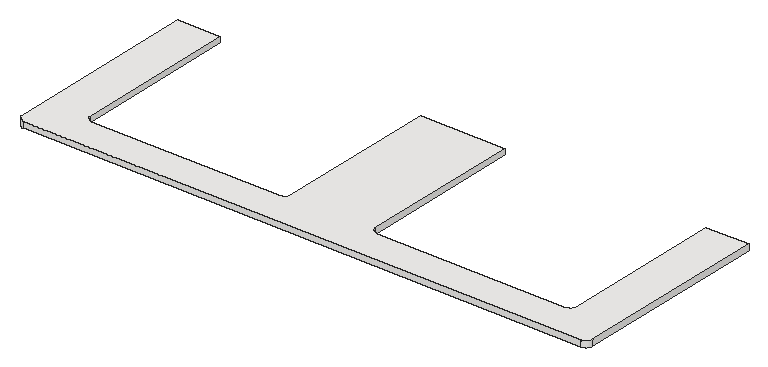
Revit family "console with 2 cutouts for countertop basin ground", category Furniture, Revit 2019 (continued)
Definition of nested family "console 1560_550 with 2 cutouts for countertop basin ground 600_480-54112910-diamond_grey-400_content"
  Parameters (values of type "Console 1560_550 with 2 cutouts for countertop basin ground 600_480-54112910-DIAMOND_GREY-400_Content")
    NN = "Console with 2 cutouts for countertop basin ground"
    NBSYN = "$BASENUMBER.-$ARTNR.-$SURFACE.-$LODLEVEL."
    NB = "Console 1560/550 with 2 cutouts for countertop basin ground 600/480-54112910-DIAMOND_GREY-400"
    NAME = "Xelu Q Console 1560/550 with 2 cutouts for countertop basin ground 600/480"
    Model = "Console 1560/550 with 2 cutouts for countertop basin ground 600/480-54112910-DIAMOND_GREY-400"
    Manufacturer = "Hansgrohe"
    MASTERFORMAT = "12 35 30.23 | Bathroom Casework"
    LODLEVEL = "400"
    LINA = "Console 1560/550 with 2 cutouts for countertop basin ground 600/480-54112910-DIAMOND_GREY-400"
    LC = 115
    L1 = 550
    L = 1560
    IFC = "Furnishing element"
    GTINCODE = "4059625457573"
    ETIM = "EC011381 | Bathroom furniture set"
    Default Elevation = 1219.2 mm
    DESIGN = "Germany"
    ContentVisible [instance] = yes
    CATALOG = "Hansgrohe"
    BIMOBJECT = "Region Set"
    BASENUMBER = "Console 1560/550 with 2 cutouts for countertop basin ground 600/480"
    ARTNR = "54112910"
  Reference planes
    plane 1 "Center (Front/Back)": y = 0
    plane 2: z = 0
    plane 3 "Center (Left/Right)": x = 0
  Forms (mm)
    Extrusion 1, solid, visible <- "ContentVisible", detail levels medium+fine
      sketch origin (0, 0, 0) x (1, 0, 0) y (0, 1, 0)
        loop
          line (-780, 0) -> (-780, -532)
          arc (-780, -532) -> (-774.728, -544.728) -> (-762, -550) r 18
          line (-762, -550) -> (762, -550)
          arc (762, -550) -> (774.728, -544.728) -> (780, -532) r 18
          line (780, -532) -> (780, 0) -> (665, 0) -> (665, -444)
          arc (665, -444) -> (660.314, -455.314) -> (649, -460) r 16
          line (649, -460) -> (131, -460)
          arc (131, -460) -> (119.686, -455.314) -> (115, -444) r 16
          line (115, -444) -> (115, 0) -> (-115, 0) -> (-115, -444)
          arc (-115, -444) -> (-119.686, -455.314) -> (-131, -460) r 16
          line (-131, -460) -> (-649, -460)
          arc (-649, -460) -> (-660.314, -455.314) -> (-665, -444) r 16
          line (-665, -444) -> (-665, 0) -> (-780, 0)
      from 0 to 16
    Extrusion 2, solid, visible <- "ContentVisible", detail levels coarse
      sketch origin (0, -275, 0) x (1, 0, 0) y (0, 1, 0)
        loop
          line (-780, -275) -> (780, -275) -> (780, 275) -> (-780, 275) -> (-780, -275)
      from 0 to 16
  Dimensions and locks
    aligned and locked: level to plane 2
Types (16, lengths in mm): name | WEIGHT | SURFACE | SPECIFICATION | PRODUCTURL | PERMALINK | NB | NAME | Model | MIdent | LODLEVEL | LINA | L1 | L | GTINCODE | Console 1560_550 with 2 cutouts for countertop basin ground 600_480-54112910-DIAMOND_GREY-400_RX0RY0RZ0TX0TY0TZ0_V | Console 1560_550 with 2 cutouts for countertop basin ground 600_480-54112910-DIAMOND_GREY-200_RX0RY0RZ0TX0TY0TZ0_V | Console 1560_550 with 2 cutouts for countertop basin ground 600_480-54112630-DARK_WALNUT-400_RX0RY0RZ0TX0TY0TZ0_V | Console 1560_550 with 2 cutouts for countertop basin ground 600_480-54112630-DARK_WALNUT-200_RX0RY0RZ0TX0TY0TZ0_V | Console 1560_550 with 2 cutouts for countertop basin ground 600_480-54112230-NATURAL_OAK-400_RX0RY0RZ0TX0TY0TZ0_V | Console 1560_550 with 2 cutouts for countertop basin ground 600_480-54112230-NATURAL_OAK-200_RX0RY0RZ0TX0TY0TZ0_V | Console 1560_550 with 2 cutouts for countertop basin ground 600_480-54112050-GLOSSY_WHITE-400_RX0RY0RZ0TX0TY0TZ0_V | Console 1560_550 with 2 cutouts for countertop basin ground 600_480-54112050-GLOSSY_WHITE-200_RX0RY0RZ0TX0TY0TZ0_V | Console 1360_550 with 2 cutouts for countertop basin ground 500_480-54099910-DIAMOND_GREY-400_RX0RY0RZ0TX0TY0TZ0_V | Console 1360_550 with 2 cutouts for countertop basin ground 500_480-54099910-DIAMOND_GREY-200_RX0RY0RZ0TX0TY0TZ0_V | Console 1360_550 with 2 cutouts for countertop basin ground 500_480-54099630-DARK_WALNUT-400_RX0RY0RZ0TX0TY0TZ0_V | Console 1360_550 with 2 cutouts for countertop basin ground 500_480-54099630-DARK_WALNUT-200_RX0RY0RZ0TX0TY0TZ0_V | Console 1360_550 with 2 cutouts for countertop basin ground 500_480-54099230-NATURAL_OAK-400_RX0RY0RZ0TX0TY0TZ0_V | Console 1360_550 with 2 cutouts for countertop basin ground 500_480-54099230-NATURAL_OAK-200_RX0RY0RZ0TX0TY0TZ0_V | Console 1360_550 with 2 cutouts for countertop basin ground 500_480-54099050-GLOSSY_WHITE-400_RX0RY0RZ0TX0TY0TZ0_V | Console 1360_550 with 2 cutouts for countertop basin ground 500_480-54099050-GLOSSY_WHITE-200_RX0RY0RZ0TX0TY0TZ0_V | BASENUMBER | ARTNR
  Console 1360_550 with 2 cutouts for countertop basin ground 500_480-54099050-GLOSSY_WHITE-200 | "7.5" | "GLOSSY_WHITE" | "Surfaces:    - 54099050 High Gloss White  - 54099910 Diamond Matt Grey  - 54099230 Natural Oak  - 54099630 Dark Walnut      Specification:" | "https://pro.hansgrohe.com/articledetail--54099050" | "54099XXX" | "Console 1360/550 with 2 cutouts for countertop basin ground 500/480-54099050-GLOSSY_WHITE-200" | "Xelu Q Console 1360/550 with 2 cutouts for countertop basin ground 500/480" | "Console 1360/550 with 2 cutouts for countertop basin ground 500/480-54099050-GLOSSY_WHITE-200" | "{$CADENAS_DATA/23d-libs/hansgrohe/xelu_furniture/console_with_cutout_for_countertop_basin_ground/console_with_2_cutout_countertop_basinground.prj},378 {VTYP=3D},{NB=Console 1360/550 with 2 cutouts for countertop basin ground 500/480-54099050-GLOSSY_WHITE-200},{LINA=Console 1360/550 with 2 cutouts for countertop basin ground 500/480-54099050-GLOSSY_WHITE-200},{NN=Console with 2 cutouts for countertop basin ground},{DATE=10.03.2023 08:11:45},{GEOMDATE=08.03.2023 13:23:55},{VERSION=},{LINEID=10},{WBVAR=LODLEVEL},{WBNUMERIC=}  {NB=Console 1360/550 with 2 cutouts for countertop basin ground 500/480-54099050-GLOSSY_WHITE-200},{LINA=Console 1360/550 with 2 cutouts for countertop basin ground 500/480-54099050-GLOSSY_WHITE-200},{KT=DUMMY},{IDNR=1},{ARTNR=54099050},{BASENUMBER=Console 1360/550 with 2 cutouts for countertop basin ground 500/480},{MODEL=54099XXX},{SURFACE=GLOSSY_WHITE},{L=1360},{LODLEVEL=200},{LODLEVELX='400','400','200','200'},{L1=450},{LC=115},{NAME=Xelu Q Console 1360/550 with 2 cutouts for countertop basin ground 500/480},{PERMALINK=54099XXX},{OBJECTTYPE=Object (single object)},{BIMOBJECT=Region Set},{PRODUCTFAMILY=Xelu Q},{PRODUCTGROUP=console},{WEIGHT=7.5},{DESCRIPTION=Xelu Q Console 1360/550 with 2 cutouts for countertop basin ground 500/480},{SPECIFICATION=Surfaces:    - 54099050 High Gloss White  - 54099910 Diamond Matt Grey  - 54099230 Natural Oak  - 54099630 Dark Walnut      Specification:},{PRODUCTURL=https://pro.hansgrohe.com/articledetail--54099050},{GTINCODE=4059625457337},{TENDERURL=},{IFC=Furnishing element},{ETIM=EC011381 | Bathroom furniture set},{UNICLASS2015=Pr_40_20_76_94 | Vanity units},{OMNICLASS=23-19 31 17 11 | Bathroom Units},{MASTERFORMAT=12 35 30.23 | Bathroom Casework},{UNSPSC=56 | Furniture and Furnishings},{UNIFORMATII=E2010 | Fixed Furnishings},{REGIONSET=Worldwide},{DESIGN=Germany},{MANUFACTURER=Germany}" | "200" | "Console 1360/550 with 2 cutouts for countertop basin ground 500/480-54099050-GLOSSY_WHITE-200" | 450 | 1360 | "4059625457337" | no | no | no | no | no | no | no | no | no | no | no | no | no | no | no | yes | "Console 1360/550 with 2 cutouts for countertop basin ground 500/480" | "54099050"
  Console 1360_550 with 2 cutouts for countertop basin ground 500_480-54099050-GLOSSY_WHITE-400 | "7.5" | "GLOSSY_WHITE" | "Surfaces:    - 54099050 High Gloss White  - 54099910 Diamond Matt Grey  - 54099230 Natural Oak  - 54099630 Dark Walnut      Specification:" | "https://pro.hansgrohe.com/articledetail--54099050" | "54099XXX" | "Console 1360/550 with 2 cutouts for countertop basin ground 500/480-54099050-GLOSSY_WHITE-400" | "Xelu Q Console 1360/550 with 2 cutouts for countertop basin ground 500/480" | "Console 1360/550 with 2 cutouts for countertop basin ground 500/480-54099050-GLOSSY_WHITE-400" | "{$CADENAS_DATA/23d-libs/hansgrohe/xelu_furniture/console_with_cutout_for_countertop_basin_ground/console_with_2_cutout_countertop_basinground.prj},378 {VTYP=3D},{NB=Console 1360/550 with 2 cutouts for countertop basin ground 500/480-54099050-GLOSSY_WHITE-400},{LINA=Console 1360/550 with 2 cutouts for countertop basin ground 500/480-54099050-GLOSSY_WHITE-400},{NN=Console with 2 cutouts for countertop basin ground},{DATE=10.03.2023 08:11:45},{GEOMDATE=08.03.2023 13:23:55},{VERSION=},{LINEID=10},{WBVAR=LODLEVEL},{WBNUMERIC=}  {NB=Console 1360/550 with 2 cutouts for countertop basin ground 500/480-54099050-GLOSSY_WHITE-400},{LINA=Console 1360/550 with 2 cutouts for countertop basin ground 500/480-54099050-GLOSSY_WHITE-400},{KT=DUMMY},{IDNR=1},{ARTNR=54099050},{BASENUMBER=Console 1360/550 with 2 cutouts for countertop basin ground 500/480},{MODEL=54099XXX},{SURFACE=GLOSSY_WHITE},{L=1360},{LODLEVEL=400},{LODLEVELX='400','400','200','200'},{L1=450},{LC=115},{NAME=Xelu Q Console 1360/550 with 2 cutouts for countertop basin ground 500/480},{PERMALINK=54099XXX},{OBJECTTYPE=Object (single object)},{BIMOBJECT=Region Set},{PRODUCTFAMILY=Xelu Q},{PRODUCTGROUP=console},{WEIGHT=7.5},{DESCRIPTION=Xelu Q Console 1360/550 with 2 cutouts for countertop basin ground 500/480},{SPECIFICATION=Surfaces:    - 54099050 High Gloss White  - 54099910 Diamond Matt Grey  - 54099230 Natural Oak  - 54099630 Dark Walnut      Specification:},{PRODUCTURL=https://pro.hansgrohe.com/articledetail--54099050},{GTINCODE=4059625457337},{TENDERURL=},{IFC=Furnishing element},{ETIM=EC011381 | Bathroom furniture set},{UNICLASS2015=Pr_40_20_76_94 | Vanity units},{OMNICLASS=23-19 31 17 11 | Bathroom Units},{MASTERFORMAT=12 35 30.23 | Bathroom Casework},{UNSPSC=56 | Furniture and Furnishings},{UNIFORMATII=E2010 | Fixed Furnishings},{REGIONSET=Worldwide},{DESIGN=Germany},{MANUFACTURER=Germany}" | "400" | "Console 1360/550 with 2 cutouts for countertop basin ground 500/480-54099050-GLOSSY_WHITE-400" | 450 | 1360 | "4059625457337" | no | no | no | no | no | no | no | no | no | no | no | no | no | no | yes | no | "Console 1360/550 with 2 cutouts for countertop basin ground 500/480" | "54099050"
  Console 1360_550 with 2 cutouts for countertop basin ground 500_480-54099230-NATURAL_OAK-200 | "7.5" | "NATURAL_OAK" | "Surfaces:    - 54099050 High Gloss White  - 54099910 Diamond Matt Grey  - 54099230 Natural Oak  - 54099630 Dark Walnut      Specification:" | "https://pro.hansgrohe.com/articledetail--54099050" | "54099XXX" | "Console 1360/550 with 2 cutouts for countertop basin ground 500/480-54099230-NATURAL_OAK-200" | "Xelu Q Console 1360/550 with 2 cutouts for countertop basin ground 500/480" | "Console 1360/550 with 2 cutouts for countertop basin ground 500/480-54099230-NATURAL_OAK-200" | "{$CADENAS_DATA/23d-libs/hansgrohe/xelu_furniture/console_with_cutout_for_countertop_basin_ground/console_with_2_cutout_countertop_basinground.prj},376 {VTYP=3D},{NB=Console 1360/550 with 2 cutouts for countertop basin ground 500/480-54099230-NATURAL_OAK-200},{LINA=Console 1360/550 with 2 cutouts for countertop basin ground 500/480-54099230-NATURAL_OAK-200},{NN=Console with 2 cutouts for countertop basin ground},{DATE=10.03.2023 08:11:45},{GEOMDATE=08.03.2023 13:23:55},{VERSION=},{LINEID=40},{WBVAR=LODLEVEL},{WBNUMERIC=}  {NB=Console 1360/550 with 2 cutouts for countertop basin ground 500/480-54099230-NATURAL_OAK-200},{LINA=Console 1360/550 with 2 cutouts for countertop basin ground 500/480-54099230-NATURAL_OAK-200},{KT=DUMMY},{IDNR=4},{ARTNR=54099230},{BASENUMBER=Console 1360/550 with 2 cutouts for countertop basin ground 500/480},{MODEL=54099XXX},{SURFACE=NATURAL_OAK},{L=1360},{LODLEVEL=200},{LODLEVELX='400','400','200','200'},{L1=450},{LC=115},{NAME=Xelu Q Console 1360/550 with 2 cutouts for countertop basin ground 500/480},{PERMALINK=54099XXX},{OBJECTTYPE=Object (single object)},{BIMOBJECT=Region Set},{PRODUCTFAMILY=Xelu Q},{PRODUCTGROUP=console},{WEIGHT=7.5},{DESCRIPTION=Xelu Q Console 1360/550 with 2 cutouts for countertop basin ground 500/480},{SPECIFICATION=Surfaces:    - 54099050 High Gloss White  - 54099910 Diamond Matt Grey  - 54099230 Natural Oak  - 54099630 Dark Walnut      Specification:},{PRODUCTURL=https://pro.hansgrohe.com/articledetail--54099050},{GTINCODE=4059625457337},{TENDERURL=},{IFC=Furnishing element},{ETIM=EC011381 | Bathroom furniture set},{UNICLASS2015=Pr_40_20_76_94 | Vanity units},{OMNICLASS=23-19 31 17 11 | Bathroom Units},{MASTERFORMAT=12 35 30.23 | Bathroom Casework},{UNSPSC=56 | Furniture and Furnishings},{UNIFORMATII=E2010 | Fixed Furnishings},{REGIONSET=Worldwide},{DESIGN=Germany},{MANUFACTURER=Germany}" | "200" | "Console 1360/550 with 2 cutouts for countertop basin ground 500/480-54099230-NATURAL_OAK-200" | 450 | 1360 | "4059625457337" | no | no | no | no | no | no | no | no | no | no | no | no | no | yes | no | no | "Console 1360/550 with 2 cutouts for countertop basin ground 500/480" | "54099230"
  Console 1360_550 with 2 cutouts for countertop basin ground 500_480-54099230-NATURAL_OAK-400 | "7.5" | "NATURAL_OAK" | "Surfaces:    - 54099050 High Gloss White  - 54099910 Diamond Matt Grey  - 54099230 Natural Oak  - 54099630 Dark Walnut      Specification:" | "https://pro.hansgrohe.com/articledetail--54099050" | "54099XXX" | "Console 1360/550 with 2 cutouts for countertop basin ground 500/480-54099230-NATURAL_OAK-400" | "Xelu Q Console 1360/550 with 2 cutouts for countertop basin ground 500/480" | "Console 1360/550 with 2 cutouts for countertop basin ground 500/480-54099230-NATURAL_OAK-400" | "{$CADENAS_DATA/23d-libs/hansgrohe/xelu_furniture/console_with_cutout_for_countertop_basin_ground/console_with_2_cutout_countertop_basinground.prj},376 {VTYP=3D},{NB=Console 1360/550 with 2 cutouts for countertop basin ground 500/480-54099230-NATURAL_OAK-400},{LINA=Console 1360/550 with 2 cutouts for countertop basin ground 500/480-54099230-NATURAL_OAK-400},{NN=Console with 2 cutouts for countertop basin ground},{DATE=10.03.2023 08:11:45},{GEOMDATE=08.03.2023 13:23:55},{VERSION=},{LINEID=40},{WBVAR=LODLEVEL},{WBNUMERIC=}  {NB=Console 1360/550 with 2 cutouts for countertop basin ground 500/480-54099230-NATURAL_OAK-400},{LINA=Console 1360/550 with 2 cutouts for countertop basin ground 500/480-54099230-NATURAL_OAK-400},{KT=DUMMY},{IDNR=4},{ARTNR=54099230},{BASENUMBER=Console 1360/550 with 2 cutouts for countertop basin ground 500/480},{MODEL=54099XXX},{SURFACE=NATURAL_OAK},{L=1360},{LODLEVEL=400},{LODLEVELX='400','400','200','200'},{L1=450},{LC=115},{NAME=Xelu Q Console 1360/550 with 2 cutouts for countertop basin ground 500/480},{PERMALINK=54099XXX},{OBJECTTYPE=Object (single object)},{BIMOBJECT=Region Set},{PRODUCTFAMILY=Xelu Q},{PRODUCTGROUP=console},{WEIGHT=7.5},{DESCRIPTION=Xelu Q Console 1360/550 with 2 cutouts for countertop basin ground 500/480},{SPECIFICATION=Surfaces:    - 54099050 High Gloss White  - 54099910 Diamond Matt Grey  - 54099230 Natural Oak  - 54099630 Dark Walnut      Specification:},{PRODUCTURL=https://pro.hansgrohe.com/articledetail--54099050},{GTINCODE=4059625457337},{TENDERURL=},{IFC=Furnishing element},{ETIM=EC011381 | Bathroom furniture set},{UNICLASS2015=Pr_40_20_76_94 | Vanity units},{OMNICLASS=23-19 31 17 11 | Bathroom Units},{MASTERFORMAT=12 35 30.23 | Bathroom Casework},{UNSPSC=56 | Furniture and Furnishings},{UNIFORMATII=E2010 | Fixed Furnishings},{REGIONSET=Worldwide},{DESIGN=Germany},{MANUFACTURER=Germany}" | "400" | "Console 1360/550 with 2 cutouts for countertop basin ground 500/480-54099230-NATURAL_OAK-400" | 450 | 1360 | "4059625457337" | no | no | no | no | no | no | no | no | no | no | no | no | yes | no | no | no | "Console 1360/550 with 2 cutouts for countertop basin ground 500/480" | "54099230"
  Console 1360_550 with 2 cutouts for countertop basin ground 500_480-54099630-DARK_WALNUT-200 | "7.5" | "DARK_WALNUT" | "Surfaces:    - 54099050 High Gloss White  - 54099910 Diamond Matt Grey  - 54099230 Natural Oak  - 54099630 Dark Walnut      Specification:" | "https://pro.hansgrohe.com/articledetail--54099050" | "54099XXX" | "Console 1360/550 with 2 cutouts for countertop basin ground 500/480-54099630-DARK_WALNUT-200" | "Xelu Q Console 1360/550 with 2 cutouts for countertop basin ground 500/480" | "Console 1360/550 with 2 cutouts for countertop basin ground 500/480-54099630-DARK_WALNUT-200" | "{$CADENAS_DATA/23d-libs/hansgrohe/xelu_furniture/console_with_cutout_for_countertop_basin_ground/console_with_2_cutout_countertop_basinground.prj},376 {VTYP=3D},{NB=Console 1360/550 with 2 cutouts for countertop basin ground 500/480-54099630-DARK_WALNUT-200},{LINA=Console 1360/550 with 2 cutouts for countertop basin ground 500/480-54099630-DARK_WALNUT-200},{NN=Console with 2 cutouts for countertop basin ground},{DATE=10.03.2023 08:11:45},{GEOMDATE=08.03.2023 13:23:55},{VERSION=},{LINEID=30},{WBVAR=LODLEVEL},{WBNUMERIC=}  {NB=Console 1360/550 with 2 cutouts for countertop basin ground 500/480-54099630-DARK_WALNUT-200},{LINA=Console 1360/550 with 2 cutouts for countertop basin ground 500/480-54099630-DARK_WALNUT-200},{KT=DUMMY},{IDNR=3},{ARTNR=54099630},{BASENUMBER=Console 1360/550 with 2 cutouts for countertop basin ground 500/480},{MODEL=54099XXX},{SURFACE=DARK_WALNUT},{L=1360},{LODLEVEL=200},{LODLEVELX='400','400','200','200'},{L1=450},{LC=115},{NAME=Xelu Q Console 1360/550 with 2 cutouts for countertop basin ground 500/480},{PERMALINK=54099XXX},{OBJECTTYPE=Object (single object)},{BIMOBJECT=Region Set},{PRODUCTFAMILY=Xelu Q},{PRODUCTGROUP=console},{WEIGHT=7.5},{DESCRIPTION=Xelu Q Console 1360/550 with 2 cutouts for countertop basin ground 500/480},{SPECIFICATION=Surfaces:    - 54099050 High Gloss White  - 54099910 Diamond Matt Grey  - 54099230 Natural Oak  - 54099630 Dark Walnut      Specification:},{PRODUCTURL=https://pro.hansgrohe.com/articledetail--54099050},{GTINCODE=4059625457337},{TENDERURL=},{IFC=Furnishing element},{ETIM=EC011381 | Bathroom furniture set},{UNICLASS2015=Pr_40_20_76_94 | Vanity units},{OMNICLASS=23-19 31 17 11 | Bathroom Units},{MASTERFORMAT=12 35 30.23 | Bathroom Casework},{UNSPSC=56 | Furniture and Furnishings},{UNIFORMATII=E2010 | Fixed Furnishings},{REGIONSET=Worldwide},{DESIGN=Germany},{MANUFACTURER=Germany}" | "200" | "Console 1360/550 with 2 cutouts for countertop basin ground 500/480-54099630-DARK_WALNUT-200" | 450 | 1360 | "4059625457337" | no | no | no | no | no | no | no | no | no | no | no | yes | no | no | no | no | "Console 1360/550 with 2 cutouts for countertop basin ground 500/480" | "54099630"
  Console 1360_550 with 2 cutouts for countertop basin ground 500_480-54099630-DARK_WALNUT-400 | "7.5" | "DARK_WALNUT" | "Surfaces:    - 54099050 High Gloss White  - 54099910 Diamond Matt Grey  - 54099230 Natural Oak  - 54099630 Dark Walnut      Specification:" | "https://pro.hansgrohe.com/articledetail--54099050" | "54099XXX" | "Console 1360/550 with 2 cutouts for countertop basin ground 500/480-54099630-DARK_WALNUT-400" | "Xelu Q Console 1360/550 with 2 cutouts for countertop basin ground 500/480" | "Console 1360/550 with 2 cutouts for countertop basin ground 500/480-54099630-DARK_WALNUT-400" | "{$CADENAS_DATA/23d-libs/hansgrohe/xelu_furniture/console_with_cutout_for_countertop_basin_ground/console_with_2_cutout_countertop_basinground.prj},376 {VTYP=3D},{NB=Console 1360/550 with 2 cutouts for countertop basin ground 500/480-54099630-DARK_WALNUT-400},{LINA=Console 1360/550 with 2 cutouts for countertop basin ground 500/480-54099630-DARK_WALNUT-400},{NN=Console with 2 cutouts for countertop basin ground},{DATE=10.03.2023 08:11:45},{GEOMDATE=08.03.2023 13:23:55},{VERSION=},{LINEID=30},{WBVAR=LODLEVEL},{WBNUMERIC=}  {NB=Console 1360/550 with 2 cutouts for countertop basin ground 500/480-54099630-DARK_WALNUT-400},{LINA=Console 1360/550 with 2 cutouts for countertop basin ground 500/480-54099630-DARK_WALNUT-400},{KT=DUMMY},{IDNR=3},{ARTNR=54099630},{BASENUMBER=Console 1360/550 with 2 cutouts for countertop basin ground 500/480},{MODEL=54099XXX},{SURFACE=DARK_WALNUT},{L=1360},{LODLEVEL=400},{LODLEVELX='400','400','200','200'},{L1=450},{LC=115},{NAME=Xelu Q Console 1360/550 with 2 cutouts for countertop basin ground 500/480},{PERMALINK=54099XXX},{OBJECTTYPE=Object (single object)},{BIMOBJECT=Region Set},{PRODUCTFAMILY=Xelu Q},{PRODUCTGROUP=console},{WEIGHT=7.5},{DESCRIPTION=Xelu Q Console 1360/550 with 2 cutouts for countertop basin ground 500/480},{SPECIFICATION=Surfaces:    - 54099050 High Gloss White  - 54099910 Diamond Matt Grey  - 54099230 Natural Oak  - 54099630 Dark Walnut      Specification:},{PRODUCTURL=https://pro.hansgrohe.com/articledetail--54099050},{GTINCODE=4059625457337},{TENDERURL=},{IFC=Furnishing element},{ETIM=EC011381 | Bathroom furniture set},{UNICLASS2015=Pr_40_20_76_94 | Vanity units},{OMNICLASS=23-19 31 17 11 | Bathroom Units},{MASTERFORMAT=12 35 30.23 | Bathroom Casework},{UNSPSC=56 | Furniture and Furnishings},{UNIFORMATII=E2010 | Fixed Furnishings},{REGIONSET=Worldwide},{DESIGN=Germany},{MANUFACTURER=Germany}" | "400" | "Console 1360/550 with 2 cutouts for countertop basin ground 500/480-54099630-DARK_WALNUT-400" | 450 | 1360 | "4059625457337" | no | no | no | no | no | no | no | no | no | no | yes | no | no | no | no | no | "Console 1360/550 with 2 cutouts for countertop basin ground 500/480" | "54099630"
  Console 1360_550 with 2 cutouts for countertop basin ground 500_480-54099910-DIAMOND_GREY-200 | "7.5" | "DIAMOND_GREY" | "Surfaces:    - 54099050 High Gloss White  - 54099910 Diamond Matt Grey  - 54099230 Natural Oak  - 54099630 Dark Walnut      Specification:" | "https://pro.hansgrohe.com/articledetail--54099050" | "54099XXX" | "Console 1360/550 with 2 cutouts for countertop basin ground 500/480-54099910-DIAMOND_GREY-200" | "Xelu Q Console 1360/550 with 2 cutouts for countertop basin ground 500/480" | "Console 1360/550 with 2 cutouts for countertop basin ground 500/480-54099910-DIAMOND_GREY-200" | "{$CADENAS_DATA/23d-libs/hansgrohe/xelu_furniture/console_with_cutout_for_countertop_basin_ground/console_with_2_cutout_countertop_basinground.prj},378 {VTYP=3D},{NB=Console 1360/550 with 2 cutouts for countertop basin ground 500/480-54099910-DIAMOND_GREY-200},{LINA=Console 1360/550 with 2 cutouts for countertop basin ground 500/480-54099910-DIAMOND_GREY-200},{NN=Console with 2 cutouts for countertop basin ground},{DATE=10.03.2023 08:11:45},{GEOMDATE=08.03.2023 13:23:55},{VERSION=},{LINEID=20},{WBVAR=LODLEVEL},{WBNUMERIC=}  {NB=Console 1360/550 with 2 cutouts for countertop basin ground 500/480-54099910-DIAMOND_GREY-200},{LINA=Console 1360/550 with 2 cutouts for countertop basin ground 500/480-54099910-DIAMOND_GREY-200},{KT=DUMMY},{IDNR=2},{ARTNR=54099910},{BASENUMBER=Console 1360/550 with 2 cutouts for countertop basin ground 500/480},{MODEL=54099XXX},{SURFACE=DIAMOND_GREY},{L=1360},{LODLEVEL=200},{LODLEVELX='400','400','200','200'},{L1=450},{LC=115},{NAME=Xelu Q Console 1360/550 with 2 cutouts for countertop basin ground 500/480},{PERMALINK=54099XXX},{OBJECTTYPE=Object (single object)},{BIMOBJECT=Region Set},{PRODUCTFAMILY=Xelu Q},{PRODUCTGROUP=console},{WEIGHT=7.5},{DESCRIPTION=Xelu Q Console 1360/550 with 2 cutouts for countertop basin ground 500/480},{SPECIFICATION=Surfaces:    - 54099050 High Gloss White  - 54099910 Diamond Matt Grey  - 54099230 Natural Oak  - 54099630 Dark Walnut      Specification:},{PRODUCTURL=https://pro.hansgrohe.com/articledetail--54099050},{GTINCODE=4059625457337},{TENDERURL=},{IFC=Furnishing element},{ETIM=EC011381 | Bathroom furniture set},{UNICLASS2015=Pr_40_20_76_94 | Vanity units},{OMNICLASS=23-19 31 17 11 | Bathroom Units},{MASTERFORMAT=12 35 30.23 | Bathroom Casework},{UNSPSC=56 | Furniture and Furnishings},{UNIFORMATII=E2010 | Fixed Furnishings},{REGIONSET=Worldwide},{DESIGN=Germany},{MANUFACTURER=Germany}" | "200" | "Console 1360/550 with 2 cutouts for countertop basin ground 500/480-54099910-DIAMOND_GREY-200" | 450 | 1360 | "4059625457337" | no | no | no | no | no | no | no | no | no | yes | no | no | no | no | no | no | "Console 1360/550 with 2 cutouts for countertop basin ground 500/480" | "54099910"
  Console 1360_550 with 2 cutouts for countertop basin ground 500_480-54099910-DIAMOND_GREY-400 | "7.5" | "DIAMOND_GREY" | "Surfaces:    - 54099050 High Gloss White  - 54099910 Diamond Matt Grey  - 54099230 Natural Oak  - 54099630 Dark Walnut      Specification:" | "https://pro.hansgrohe.com/articledetail--54099050" | "54099XXX" | "Console 1360/550 with 2 cutouts for countertop basin ground 500/480-54099910-DIAMOND_GREY-400" | "Xelu Q Console 1360/550 with 2 cutouts for countertop basin ground 500/480" | "Console 1360/550 with 2 cutouts for countertop basin ground 500/480-54099910-DIAMOND_GREY-400" | "{$CADENAS_DATA/23d-libs/hansgrohe/xelu_furniture/console_with_cutout_for_countertop_basin_ground/console_with_2_cutout_countertop_basinground.prj},378 {VTYP=3D},{NB=Console 1360/550 with 2 cutouts for countertop basin ground 500/480-54099910-DIAMOND_GREY-400},{LINA=Console 1360/550 with 2 cutouts for countertop basin ground 500/480-54099910-DIAMOND_GREY-400},{NN=Console with 2 cutouts for countertop basin ground},{DATE=10.03.2023 08:11:45},{GEOMDATE=08.03.2023 13:23:55},{VERSION=},{LINEID=20},{WBVAR=LODLEVEL},{WBNUMERIC=}  {NB=Console 1360/550 with 2 cutouts for countertop basin ground 500/480-54099910-DIAMOND_GREY-400},{LINA=Console 1360/550 with 2 cutouts for countertop basin ground 500/480-54099910-DIAMOND_GREY-400},{KT=DUMMY},{IDNR=2},{ARTNR=54099910},{BASENUMBER=Console 1360/550 with 2 cutouts for countertop basin ground 500/480},{MODEL=54099XXX},{SURFACE=DIAMOND_GREY},{L=1360},{LODLEVEL=400},{LODLEVELX='400','400','200','200'},{L1=450},{LC=115},{NAME=Xelu Q Console 1360/550 with 2 cutouts for countertop basin ground 500/480},{PERMALINK=54099XXX},{OBJECTTYPE=Object (single object)},{BIMOBJECT=Region Set},{PRODUCTFAMILY=Xelu Q},{PRODUCTGROUP=console},{WEIGHT=7.5},{DESCRIPTION=Xelu Q Console 1360/550 with 2 cutouts for countertop basin ground 500/480},{SPECIFICATION=Surfaces:    - 54099050 High Gloss White  - 54099910 Diamond Matt Grey  - 54099230 Natural Oak  - 54099630 Dark Walnut      Specification:},{PRODUCTURL=https://pro.hansgrohe.com/articledetail--54099050},{GTINCODE=4059625457337},{TENDERURL=},{IFC=Furnishing element},{ETIM=EC011381 | Bathroom furniture set},{UNICLASS2015=Pr_40_20_76_94 | Vanity units},{OMNICLASS=23-19 31 17 11 | Bathroom Units},{MASTERFORMAT=12 35 30.23 | Bathroom Casework},{UNSPSC=56 | Furniture and Furnishings},{UNIFORMATII=E2010 | Fixed Furnishings},{REGIONSET=Worldwide},{DESIGN=Germany},{MANUFACTURER=Germany}" | "400" | "Console 1360/550 with 2 cutouts for countertop basin ground 500/480-54099910-DIAMOND_GREY-400" | 450 | 1360 | "4059625457337" | no | no | no | no | no | no | no | no | yes | no | no | no | no | no | no | no | "Console 1360/550 with 2 cutouts for countertop basin ground 500/480" | "54099910"
  Console 1560_550 with 2 cutouts for countertop basin ground 600_480-54112050-GLOSSY_WHITE-200 | "8.8" | "GLOSSY_WHITE" | "Surfaces:    - 54112050 High Gloss White  - 54112910 Diamond Matt Grey  - 54112230 Natural Oak  - 54112630 Dark Walnut      Specification:" | "https://pro.hansgrohe.com/articledetail--54112050" | "54112XXX" | "Console 1560/550 with 2 cutouts for countertop basin ground 600/480-54112050-GLOSSY_WHITE-200" | "Xelu Q Console 1560/550 with 2 cutouts for countertop basin ground 600/480" | "Console 1560/550 with 2 cutouts for countertop basin ground 600/480-54112050-GLOSSY_WHITE-200" | "{$CADENAS_DATA/23d-libs/hansgrohe/xelu_furniture/console_with_cutout_for_countertop_basin_ground/console_with_2_cutout_countertop_basinground.prj},378 {VTYP=3D},{NB=Console 1560/550 with 2 cutouts for countertop basin ground 600/480-54112050-GLOSSY_WHITE-200},{LINA=Console 1560/550 with 2 cutouts for countertop basin ground 600/480-54112050-GLOSSY_WHITE-200},{NN=Console with 2 cutouts for countertop basin ground},{DATE=10.03.2023 08:11:45},{GEOMDATE=08.03.2023 13:23:55},{VERSION=},{LINEID=60},{WBVAR=LODLEVEL},{WBNUMERIC=}  {NB=Console 1560/550 with 2 cutouts for countertop basin ground 600/480-54112050-GLOSSY_WHITE-200},{LINA=Console 1560/550 with 2 cutouts for countertop basin ground 600/480-54112050-GLOSSY_WHITE-200},{KT=DUMMY},{IDNR=6},{ARTNR=54112050},{BASENUMBER=Console 1560/550 with 2 cutouts for countertop basin ground 600/480},{MODEL=54112XXX},{SURFACE=GLOSSY_WHITE},{L=1560},{LODLEVEL=200},{LODLEVELX='400','400','200','200'},{L1=550},{LC=115},{NAME=Xelu Q Console 1560/550 with 2 cutouts for countertop basin ground 600/480},{PERMALINK=54112XXX},{OBJECTTYPE=Object (single object)},{BIMOBJECT=Region Set},{PRODUCTFAMILY=Xelu Q},{PRODUCTGROUP=console},{WEIGHT=8.8},{DESCRIPTION=Xelu Q Console 1560/550 with 2 cutouts for countertop basin ground 600/480},{SPECIFICATION=Surfaces:    - 54112050 High Gloss White  - 54112910 Diamond Matt Grey  - 54112230 Natural Oak  - 54112630 Dark Walnut      Specification:},{PRODUCTURL=https://pro.hansgrohe.com/articledetail--54112050},{GTINCODE=4059625457573},{TENDERURL=},{IFC=Furnishing element},{ETIM=EC011381 | Bathroom furniture set},{UNICLASS2015=Pr_40_20_76_94 | Vanity units},{OMNICLASS=23-19 31 17 11 | Bathroom Units},{MASTERFORMAT=12 35 30.23 | Bathroom Casework},{UNSPSC=56 | Furniture and Furnishings},{UNIFORMATII=E2010 | Fixed Furnishings},{REGIONSET=Worldwide},{DESIGN=Germany},{MANUFACTURER=Germany}" | "200" | "Console 1560/550 with 2 cutouts for countertop basin ground 600/480-54112050-GLOSSY_WHITE-200" | 550 | 1560 | "4059625457573" | no | no | no | no | no | no | no | yes | no | no | no | no | no | no | no | no | "Console 1560/550 with 2 cutouts for countertop basin ground 600/480" | "54112050"
  Console 1560_550 with 2 cutouts for countertop basin ground 600_480-54112050-GLOSSY_WHITE-400 | "8.8" | "GLOSSY_WHITE" | "Surfaces:    - 54112050 High Gloss White  - 54112910 Diamond Matt Grey  - 54112230 Natural Oak  - 54112630 Dark Walnut      Specification:" | "https://pro.hansgrohe.com/articledetail--54112050" | "54112XXX" | "Console 1560/550 with 2 cutouts for countertop basin ground 600/480-54112050-GLOSSY_WHITE-400" | "Xelu Q Console 1560/550 with 2 cutouts for countertop basin ground 600/480" | "Console 1560/550 with 2 cutouts for countertop basin ground 600/480-54112050-GLOSSY_WHITE-400" | "{$CADENAS_DATA/23d-libs/hansgrohe/xelu_furniture/console_with_cutout_for_countertop_basin_ground/console_with_2_cutout_countertop_basinground.prj},378 {VTYP=3D},{NB=Console 1560/550 with 2 cutouts for countertop basin ground 600/480-54112050-GLOSSY_WHITE-400},{LINA=Console 1560/550 with 2 cutouts for countertop basin ground 600/480-54112050-GLOSSY_WHITE-400},{NN=Console with 2 cutouts for countertop basin ground},{DATE=10.03.2023 08:11:45},{GEOMDATE=08.03.2023 13:23:55},{VERSION=},{LINEID=60},{WBVAR=LODLEVEL},{WBNUMERIC=}  {NB=Console 1560/550 with 2 cutouts for countertop basin ground 600/480-54112050-GLOSSY_WHITE-400},{LINA=Console 1560/550 with 2 cutouts for countertop basin ground 600/480-54112050-GLOSSY_WHITE-400},{KT=DUMMY},{IDNR=6},{ARTNR=54112050},{BASENUMBER=Console 1560/550 with 2 cutouts for countertop basin ground 600/480},{MODEL=54112XXX},{SURFACE=GLOSSY_WHITE},{L=1560},{LODLEVEL=400},{LODLEVELX='400','400','200','200'},{L1=550},{LC=115},{NAME=Xelu Q Console 1560/550 with 2 cutouts for countertop basin ground 600/480},{PERMALINK=54112XXX},{OBJECTTYPE=Object (single object)},{BIMOBJECT=Region Set},{PRODUCTFAMILY=Xelu Q},{PRODUCTGROUP=console},{WEIGHT=8.8},{DESCRIPTION=Xelu Q Console 1560/550 with 2 cutouts for countertop basin ground 600/480},{SPECIFICATION=Surfaces:    - 54112050 High Gloss White  - 54112910 Diamond Matt Grey  - 54112230 Natural Oak  - 54112630 Dark Walnut      Specification:},{PRODUCTURL=https://pro.hansgrohe.com/articledetail--54112050},{GTINCODE=4059625457573},{TENDERURL=},{IFC=Furnishing element},{ETIM=EC011381 | Bathroom furniture set},{UNICLASS2015=Pr_40_20_76_94 | Vanity units},{OMNICLASS=23-19 31 17 11 | Bathroom Units},{MASTERFORMAT=12 35 30.23 | Bathroom Casework},{UNSPSC=56 | Furniture and Furnishings},{UNIFORMATII=E2010 | Fixed Furnishings},{REGIONSET=Worldwide},{DESIGN=Germany},{MANUFACTURER=Germany}" | "400" | "Console 1560/550 with 2 cutouts for countertop basin ground 600/480-54112050-GLOSSY_WHITE-400" | 550 | 1560 | "4059625457573" | no | no | no | no | no | no | yes | no | no | no | no | no | no | no | no | no | "Console 1560/550 with 2 cutouts for countertop basin ground 600/480" | "54112050"
  Console 1560_550 with 2 cutouts for countertop basin ground 600_480-54112230-NATURAL_OAK-200 | "8.8" | "NATURAL_OAK" | "Surfaces:    - 54112050 High Gloss White  - 54112910 Diamond Matt Grey  - 54112230 Natural Oak  - 54112630 Dark Walnut      Specification:" | "https://pro.hansgrohe.com/articledetail--54112050" | "54112XXX" | "Console 1560/550 with 2 cutouts for countertop basin ground 600/480-54112230-NATURAL_OAK-200" | "Xelu Q Console 1560/550 with 2 cutouts for countertop basin ground 600/480" | "Console 1560/550 with 2 cutouts for countertop basin ground 600/480-54112230-NATURAL_OAK-200" | "{$CADENAS_DATA/23d-libs/hansgrohe/xelu_furniture/console_with_cutout_for_countertop_basin_ground/console_with_2_cutout_countertop_basinground.prj},376 {VTYP=3D},{NB=Console 1560/550 with 2 cutouts for countertop basin ground 600/480-54112230-NATURAL_OAK-200},{LINA=Console 1560/550 with 2 cutouts for countertop basin ground 600/480-54112230-NATURAL_OAK-200},{NN=Console with 2 cutouts for countertop basin ground},{DATE=10.03.2023 08:11:45},{GEOMDATE=08.03.2023 13:23:55},{VERSION=},{LINEID=70},{WBVAR=LODLEVEL},{WBNUMERIC=}  {NB=Console 1560/550 with 2 cutouts for countertop basin ground 600/480-54112230-NATURAL_OAK-200},{LINA=Console 1560/550 with 2 cutouts for countertop basin ground 600/480-54112230-NATURAL_OAK-200},{KT=DUMMY},{IDNR=7},{ARTNR=54112230},{BASENUMBER=Console 1560/550 with 2 cutouts for countertop basin ground 600/480},{MODEL=54112XXX},{SURFACE=NATURAL_OAK},{L=1560},{LODLEVEL=200},{LODLEVELX='400','400','200','200'},{L1=550},{LC=115},{NAME=Xelu Q Console 1560/550 with 2 cutouts for countertop basin ground 600/480},{PERMALINK=54112XXX},{OBJECTTYPE=Object (single object)},{BIMOBJECT=Region Set},{PRODUCTFAMILY=Xelu Q},{PRODUCTGROUP=console},{WEIGHT=8.8},{DESCRIPTION=Xelu Q Console 1560/550 with 2 cutouts for countertop basin ground 600/480},{SPECIFICATION=Surfaces:    - 54112050 High Gloss White  - 54112910 Diamond Matt Grey  - 54112230 Natural Oak  - 54112630 Dark Walnut      Specification:},{PRODUCTURL=https://pro.hansgrohe.com/articledetail--54112050},{GTINCODE=4059625457573},{TENDERURL=},{IFC=Furnishing element},{ETIM=EC011381 | Bathroom furniture set},{UNICLASS2015=Pr_40_20_76_94 | Vanity units},{OMNICLASS=23-19 31 17 11 | Bathroom Units},{MASTERFORMAT=12 35 30.23 | Bathroom Casework},{UNSPSC=56 | Furniture and Furnishings},{UNIFORMATII=E2010 | Fixed Furnishings},{REGIONSET=Worldwide},{DESIGN=Germany},{MANUFACTURER=Germany}" | "200" | "Console 1560/550 with 2 cutouts for countertop basin ground 600/480-54112230-NATURAL_OAK-200" | 550 | 1560 | "4059625457573" | no | no | no | no | no | yes | no | no | no | no | no | no | no | no | no | no | "Console 1560/550 with 2 cutouts for countertop basin ground 600/480" | "54112230"
  Console 1560_550 with 2 cutouts for countertop basin ground 600_480-54112230-NATURAL_OAK-400 | "8.8" | "NATURAL_OAK" | "Surfaces:    - 54112050 High Gloss White  - 54112910 Diamond Matt Grey  - 54112230 Natural Oak  - 54112630 Dark Walnut      Specification:" | "https://pro.hansgrohe.com/articledetail--54112050" | "54112XXX" | "Console 1560/550 with 2 cutouts for countertop basin ground 600/480-54112230-NATURAL_OAK-400" | "Xelu Q Console 1560/550 with 2 cutouts for countertop basin ground 600/480" | "Console 1560/550 with 2 cutouts for countertop basin ground 600/480-54112230-NATURAL_OAK-400" | "{$CADENAS_DATA/23d-libs/hansgrohe/xelu_furniture/console_with_cutout_for_countertop_basin_ground/console_with_2_cutout_countertop_basinground.prj},376 {VTYP=3D},{NB=Console 1560/550 with 2 cutouts for countertop basin ground 600/480-54112230-NATURAL_OAK-400},{LINA=Console 1560/550 with 2 cutouts for countertop basin ground 600/480-54112230-NATURAL_OAK-400},{NN=Console with 2 cutouts for countertop basin ground},{DATE=10.03.2023 08:11:45},{GEOMDATE=08.03.2023 13:23:55},{VERSION=},{LINEID=70},{WBVAR=LODLEVEL},{WBNUMERIC=}  {NB=Console 1560/550 with 2 cutouts for countertop basin ground 600/480-54112230-NATURAL_OAK-400},{LINA=Console 1560/550 with 2 cutouts for countertop basin ground 600/480-54112230-NATURAL_OAK-400},{KT=DUMMY},{IDNR=7},{ARTNR=54112230},{BASENUMBER=Console 1560/550 with 2 cutouts for countertop basin ground 600/480},{MODEL=54112XXX},{SURFACE=NATURAL_OAK},{L=1560},{LODLEVEL=400},{LODLEVELX='400','400','200','200'},{L1=550},{LC=115},{NAME=Xelu Q Console 1560/550 with 2 cutouts for countertop basin ground 600/480},{PERMALINK=54112XXX},{OBJECTTYPE=Object (single object)},{BIMOBJECT=Region Set},{PRODUCTFAMILY=Xelu Q},{PRODUCTGROUP=console},{WEIGHT=8.8},{DESCRIPTION=Xelu Q Console 1560/550 with 2 cutouts for countertop basin ground 600/480},{SPECIFICATION=Surfaces:    - 54112050 High Gloss White  - 54112910 Diamond Matt Grey  - 54112230 Natural Oak  - 54112630 Dark Walnut      Specification:},{PRODUCTURL=https://pro.hansgrohe.com/articledetail--54112050},{GTINCODE=4059625457573},{TENDERURL=},{IFC=Furnishing element},{ETIM=EC011381 | Bathroom furniture set},{UNICLASS2015=Pr_40_20_76_94 | Vanity units},{OMNICLASS=23-19 31 17 11 | Bathroom Units},{MASTERFORMAT=12 35 30.23 | Bathroom Casework},{UNSPSC=56 | Furniture and Furnishings},{UNIFORMATII=E2010 | Fixed Furnishings},{REGIONSET=Worldwide},{DESIGN=Germany},{MANUFACTURER=Germany}" | "400" | "Console 1560/550 with 2 cutouts for countertop basin ground 600/480-54112230-NATURAL_OAK-400" | 550 | 1560 | "4059625457573" | no | no | no | no | yes | no | no | no | no | no | no | no | no | no | no | no | "Console 1560/550 with 2 cutouts for countertop basin ground 600/480" | "54112230"
  Console 1560_550 with 2 cutouts for countertop basin ground 600_480-54112630-DARK_WALNUT-200 | "8.8" | "DARK_WALNUT" | "Surfaces:    - 54112050 High Gloss White  - 54112910 Diamond Matt Grey  - 54112230 Natural Oak  - 54112630 Dark Walnut      Specification:" | "https://pro.hansgrohe.com/articledetail--54112050" | "54112XXX" | "Console 1560/550 with 2 cutouts for countertop basin ground 600/480-54112630-DARK_WALNUT-200" | "Xelu Q Console 1560/550 with 2 cutouts for countertop basin ground 600/480" | "Console 1560/550 with 2 cutouts for countertop basin ground 600/480-54112630-DARK_WALNUT-200" | "{$CADENAS_DATA/23d-libs/hansgrohe/xelu_furniture/console_with_cutout_for_countertop_basin_ground/console_with_2_cutout_countertop_basinground.prj},376 {VTYP=3D},{NB=Console 1560/550 with 2 cutouts for countertop basin ground 600/480-54112630-DARK_WALNUT-200},{LINA=Console 1560/550 with 2 cutouts for countertop basin ground 600/480-54112630-DARK_WALNUT-200},{NN=Console with 2 cutouts for countertop basin ground},{DATE=10.03.2023 08:11:45},{GEOMDATE=08.03.2023 13:23:55},{VERSION=},{LINEID=50},{WBVAR=LODLEVEL},{WBNUMERIC=}  {NB=Console 1560/550 with 2 cutouts for countertop basin ground 600/480-54112630-DARK_WALNUT-200},{LINA=Console 1560/550 with 2 cutouts for countertop basin ground 600/480-54112630-DARK_WALNUT-200},{KT=DUMMY},{IDNR=5},{ARTNR=54112630},{BASENUMBER=Console 1560/550 with 2 cutouts for countertop basin ground 600/480},{MODEL=54112XXX},{SURFACE=DARK_WALNUT},{L=1560},{LODLEVEL=200},{LODLEVELX='400','400','200','200'},{L1=550},{LC=115},{NAME=Xelu Q Console 1560/550 with 2 cutouts for countertop basin ground 600/480},{PERMALINK=54112XXX},{OBJECTTYPE=Object (single object)},{BIMOBJECT=Region Set},{PRODUCTFAMILY=Xelu Q},{PRODUCTGROUP=console},{WEIGHT=8.8},{DESCRIPTION=Xelu Q Console 1560/550 with 2 cutouts for countertop basin ground 600/480},{SPECIFICATION=Surfaces:    - 54112050 High Gloss White  - 54112910 Diamond Matt Grey  - 54112230 Natural Oak  - 54112630 Dark Walnut      Specification:},{PRODUCTURL=https://pro.hansgrohe.com/articledetail--54112050},{GTINCODE=4059625457573},{TENDERURL=},{IFC=Furnishing element},{ETIM=EC011381 | Bathroom furniture set},{UNICLASS2015=Pr_40_20_76_94 | Vanity units},{OMNICLASS=23-19 31 17 11 | Bathroom Units},{MASTERFORMAT=12 35 30.23 | Bathroom Casework},{UNSPSC=56 | Furniture and Furnishings},{UNIFORMATII=E2010 | Fixed Furnishings},{REGIONSET=Worldwide},{DESIGN=Germany},{MANUFACTURER=Germany}" | "200" | "Console 1560/550 with 2 cutouts for countertop basin ground 600/480-54112630-DARK_WALNUT-200" | 550 | 1560 | "4059625457573" | no | no | no | yes | no | no | no | no | no | no | no | no | no | no | no | no | "Console 1560/550 with 2 cutouts for countertop basin ground 600/480" | "54112630"
  Console 1560_550 with 2 cutouts for countertop basin ground 600_480-54112630-DARK_WALNUT-400 | "8.8" | "DARK_WALNUT" | "Surfaces:    - 54112050 High Gloss White  - 54112910 Diamond Matt Grey  - 54112230 Natural Oak  - 54112630 Dark Walnut      Specification:" | "https://pro.hansgrohe.com/articledetail--54112050" | "54112XXX" | "Console 1560/550 with 2 cutouts for countertop basin ground 600/480-54112630-DARK_WALNUT-400" | "Xelu Q Console 1560/550 with 2 cutouts for countertop basin ground 600/480" | "Console 1560/550 with 2 cutouts for countertop basin ground 600/480-54112630-DARK_WALNUT-400" | "{$CADENAS_DATA/23d-libs/hansgrohe/xelu_furniture/console_with_cutout_for_countertop_basin_ground/console_with_2_cutout_countertop_basinground.prj},376 {VTYP=3D},{NB=Console 1560/550 with 2 cutouts for countertop basin ground 600/480-54112630-DARK_WALNUT-400},{LINA=Console 1560/550 with 2 cutouts for countertop basin ground 600/480-54112630-DARK_WALNUT-400},{NN=Console with 2 cutouts for countertop basin ground},{DATE=10.03.2023 08:11:45},{GEOMDATE=08.03.2023 13:23:55},{VERSION=},{LINEID=50},{WBVAR=LODLEVEL},{WBNUMERIC=}  {NB=Console 1560/550 with 2 cutouts for countertop basin ground 600/480-54112630-DARK_WALNUT-400},{LINA=Console 1560/550 with 2 cutouts for countertop basin ground 600/480-54112630-DARK_WALNUT-400},{KT=DUMMY},{IDNR=5},{ARTNR=54112630},{BASENUMBER=Console 1560/550 with 2 cutouts for countertop basin ground 600/480},{MODEL=54112XXX},{SURFACE=DARK_WALNUT},{L=1560},{LODLEVEL=400},{LODLEVELX='400','400','200','200'},{L1=550},{LC=115},{NAME=Xelu Q Console 1560/550 with 2 cutouts for countertop basin ground 600/480},{PERMALINK=54112XXX},{OBJECTTYPE=Object (single object)},{BIMOBJECT=Region Set},{PRODUCTFAMILY=Xelu Q},{PRODUCTGROUP=console},{WEIGHT=8.8},{DESCRIPTION=Xelu Q Console 1560/550 with 2 cutouts for countertop basin ground 600/480},{SPECIFICATION=Surfaces:    - 54112050 High Gloss White  - 54112910 Diamond Matt Grey  - 54112230 Natural Oak  - 54112630 Dark Walnut      Specification:},{PRODUCTURL=https://pro.hansgrohe.com/articledetail--54112050},{GTINCODE=4059625457573},{TENDERURL=},{IFC=Furnishing element},{ETIM=EC011381 | Bathroom furniture set},{UNICLASS2015=Pr_40_20_76_94 | Vanity units},{OMNICLASS=23-19 31 17 11 | Bathroom Units},{MASTERFORMAT=12 35 30.23 | Bathroom Casework},{UNSPSC=56 | Furniture and Furnishings},{UNIFORMATII=E2010 | Fixed Furnishings},{REGIONSET=Worldwide},{DESIGN=Germany},{MANUFACTURER=Germany}" | "400" | "Console 1560/550 with 2 cutouts for countertop basin ground 600/480-54112630-DARK_WALNUT-400" | 550 | 1560 | "4059625457573" | no | no | yes | no | no | no | no | no | no | no | no | no | no | no | no | no | "Console 1560/550 with 2 cutouts for countertop basin ground 600/480" | "54112630"
  Console 1560_550 with 2 cutouts for countertop basin ground 600_480-54112910-DIAMOND_GREY-200 | "8.8" | "DIAMOND_GREY" | "Surfaces:    - 54112050 High Gloss White  - 54112910 Diamond Matt Grey  - 54112230 Natural Oak  - 54112630 Dark Walnut      Specification:" | "https://pro.hansgrohe.com/articledetail--54112050" | "54112XXX" | "Console 1560/550 with 2 cutouts for countertop basin ground 600/480-54112910-DIAMOND_GREY-200" | "Xelu Q Console 1560/550 with 2 cutouts for countertop basin ground 600/480" | "Console 1560/550 with 2 cutouts for countertop basin ground 600/480-54112910-DIAMOND_GREY-200" | "{$CADENAS_DATA/23d-libs/hansgrohe/xelu_furniture/console_with_cutout_for_countertop_basin_ground/console_with_2_cutout_countertop_basinground.prj},378 {VTYP=3D},{NB=Console 1560/550 with 2 cutouts for countertop basin ground 600/480-54112910-DIAMOND_GREY-200},{LINA=Console 1560/550 with 2 cutouts for countertop basin ground 600/480-54112910-DIAMOND_GREY-200},{NN=Console with 2 cutouts for countertop basin ground},{DATE=10.03.2023 08:11:45},{GEOMDATE=08.03.2023 13:23:55},{VERSION=},{LINEID=80},{WBVAR=LODLEVEL},{WBNUMERIC=}  {NB=Console 1560/550 with 2 cutouts for countertop basin ground 600/480-54112910-DIAMOND_GREY-200},{LINA=Console 1560/550 with 2 cutouts for countertop basin ground 600/480-54112910-DIAMOND_GREY-200},{KT=DUMMY},{IDNR=8},{ARTNR=54112910},{BASENUMBER=Console 1560/550 with 2 cutouts for countertop basin ground 600/480},{MODEL=54112XXX},{SURFACE=DIAMOND_GREY},{L=1560},{LODLEVEL=200},{LODLEVELX='400','400','200','200'},{L1=550},{LC=115},{NAME=Xelu Q Console 1560/550 with 2 cutouts for countertop basin ground 600/480},{PERMALINK=54112XXX},{OBJECTTYPE=Object (single object)},{BIMOBJECT=Region Set},{PRODUCTFAMILY=Xelu Q},{PRODUCTGROUP=console},{WEIGHT=8.8},{DESCRIPTION=Xelu Q Console 1560/550 with 2 cutouts for countertop basin ground 600/480},{SPECIFICATION=Surfaces:    - 54112050 High Gloss White  - 54112910 Diamond Matt Grey  - 54112230 Natural Oak  - 54112630 Dark Walnut      Specification:},{PRODUCTURL=https://pro.hansgrohe.com/articledetail--54112050},{GTINCODE=4059625457573},{TENDERURL=},{IFC=Furnishing element},{ETIM=EC011381 | Bathroom furniture set},{UNICLASS2015=Pr_40_20_76_94 | Vanity units},{OMNICLASS=23-19 31 17 11 | Bathroom Units},{MASTERFORMAT=12 35 30.23 | Bathroom Casework},{UNSPSC=56 | Furniture and Furnishings},{UNIFORMATII=E2010 | Fixed Furnishings},{REGIONSET=Worldwide},{DESIGN=Germany},{MANUFACTURER=Germany}" | "200" | "Console 1560/550 with 2 cutouts for countertop basin ground 600/480-54112910-DIAMOND_GREY-200" | 550 | 1560 | "4059625457573" | no | yes | no | no | no | no | no | no | no | no | no | no | no | no | no | no | "Console 1560/550 with 2 cutouts for countertop basin ground 600/480" | "54112910"
  Console 1560_550 with 2 cutouts for countertop basin ground 600_480-54112910-DIAMOND_GREY-400 | "8.8" | "DIAMOND_GREY" | "Surfaces:    - 54112050 High Gloss White  - 54112910 Diamond Matt Grey  - 54112230 Natural Oak  - 54112630 Dark Walnut      Specification:" | "https://pro.hansgrohe.com/articledetail--54112050" | "54112XXX" | "Console 1560/550 with 2 cutouts for countertop basin ground 600/480-54112910-DIAMOND_GREY-400" | "Xelu Q Console 1560/550 with 2 cutouts for countertop basin ground 600/480" | "Console 1560/550 with 2 cutouts for countertop basin ground 600/480-54112910-DIAMOND_GREY-400" | "{$CADENAS_DATA/23d-libs/hansgrohe/xelu_furniture/console_with_cutout_for_countertop_basin_ground/console_with_2_cutout_countertop_basinground.prj},378 {VTYP=3D},{NB=Console 1560/550 with 2 cutouts for countertop basin ground 600/480-54112910-DIAMOND_GREY-400},{LINA=Console 1560/550 with 2 cutouts for countertop basin ground 600/480-54112910-DIAMOND_GREY-400},{NN=Console with 2 cutouts for countertop basin ground},{DATE=10.03.2023 08:11:45},{GEOMDATE=08.03.2023 13:23:55},{VERSION=},{LINEID=80},{WBVAR=LODLEVEL},{WBNUMERIC=}  {NB=Console 1560/550 with 2 cutouts for countertop basin ground 600/480-54112910-DIAMOND_GREY-400},{LINA=Console 1560/550 with 2 cutouts for countertop basin ground 600/480-54112910-DIAMOND_GREY-400},{KT=DUMMY},{IDNR=8},{ARTNR=54112910},{BASENUMBER=Console 1560/550 with 2 cutouts for countertop basin ground 600/480},{MODEL=54112XXX},{SURFACE=DIAMOND_GREY},{L=1560},{LODLEVEL=400},{LODLEVELX='400','400','200','200'},{L1=550},{LC=115},{NAME=Xelu Q Console 1560/550 with 2 cutouts for countertop basin ground 600/480},{PERMALINK=54112XXX},{OBJECTTYPE=Object (single object)},{BIMOBJECT=Region Set},{PRODUCTFAMILY=Xelu Q},{PRODUCTGROUP=console},{WEIGHT=8.8},{DESCRIPTION=Xelu Q Console 1560/550 with 2 cutouts for countertop basin ground 600/480},{SPECIFICATION=Surfaces:    - 54112050 High Gloss White  - 54112910 Diamond Matt Grey  - 54112230 Natural Oak  - 54112630 Dark Walnut      Specification:},{PRODUCTURL=https://pro.hansgrohe.com/articledetail--54112050},{GTINCODE=4059625457573},{TENDERURL=},{IFC=Furnishing element},{ETIM=EC011381 | Bathroom furniture set},{UNICLASS2015=Pr_40_20_76_94 | Vanity units},{OMNICLASS=23-19 31 17 11 | Bathroom Units},{MASTERFORMAT=12 35 30.23 | Bathroom Casework},{UNSPSC=56 | Furniture and Furnishings},{UNIFORMATII=E2010 | Fixed Furnishings},{REGIONSET=Worldwide},{DESIGN=Germany},{MANUFACTURER=Germany}" | "400" | "Console 1560/550 with 2 cutouts for countertop basin ground 600/480-54112910-DIAMOND_GREY-400" | 550 | 1560 | "4059625457573" | yes | no | no | no | no | no | no | no | no | no | no | no | no | no | no | no | "Console 1560/550 with 2 cutouts for countertop basin ground 600/480" | "54112910"
